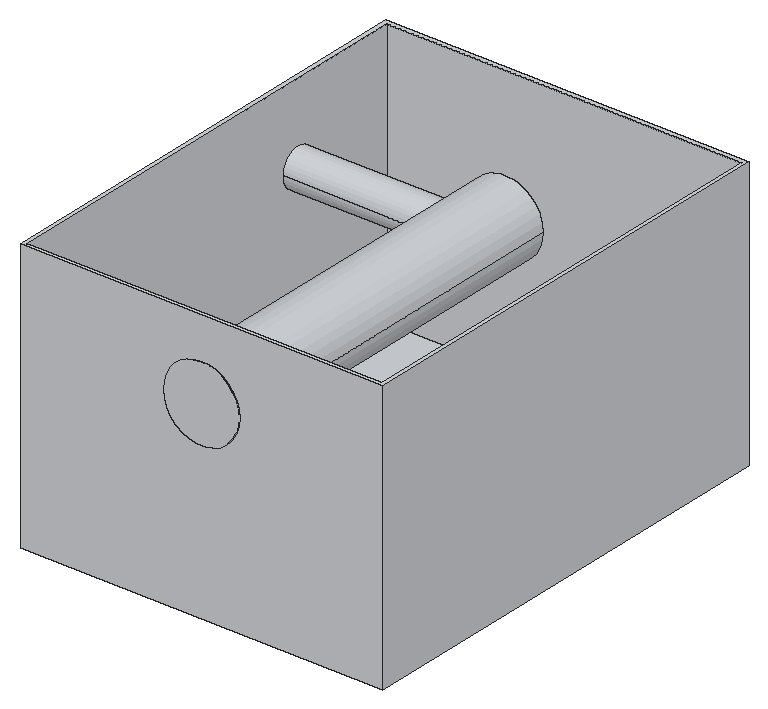
Revit family "PRD_FrankeWS_UrnlFlshngVlvs_BasicInstallationKitsForFlushingSystems_AQLN0006", category Plumbing Fixtures, host Face, Revit 2018
Family settings
  Host = Face
  Round Connector Dimension = Use Diameter
  Part Type = Normal
  OmniClass Number = 23.45.05.14.99
  OmniClass Title = Other Sanitary Washing Plumbing Fixtures
  Cut with Voids When Loaded = No
  Shared = Yes
  Room Calculation Point = No
Parameters (values of type "AQLN0006")
  WarrantyStartDate [instance] = "1900-12-31T23:59:59"
  WarrantyGuarantorParts = "n/a"
  WarrantyGuarantorLabor = "n/a"
  WarrantyDurationUnit = "year"
  WarrantyDurationParts = "n/a"
  WarrantyDurationLabor = "n/a"
  WarrantyDescription = "n/a"
  Version = "1"
  Uniclass2015Version = "Products v1.7"
  Uniclass2015Title = "Urinal flushing valves"
  Uniclass2015Code = "Pr_40_20_93_79"
  URL = "www.kwc.com"
  TypeOfMixing = "no mixing"
  Type = "built-in-box"
  ThirdPartyCertification = "n/a"
  TagNumber [instance] = "n/a"
  SustainabilityPerformance = "n/a"
  Standard = "n/a"
  Size = "n/a"
  Shape = "n/a"
  SerialNumber [instance] = "n/a"
  Revision = "n/a"
  ReplacementCost = "n/a"
  ProductInformation = "https://pim.kwc.com/product/2000107414/attachment/datasheet?locale=en"
  OutletSize = 15 mm
  InletSize = 15 mm
  HorizontalMounting = 110.00 mm
  VerticalMounting = 102.00 mm
  OverallDepth = 72.00 mm
  OperatingControl = "n/a"
  NominalWidth = 0.00 mm
  NominalLength = 0.00 mm
  NominalHeight = 0.00 mm
  NetWeight = 0.513 kg
  Name = "Urinal flush valve AQLN0006"
  NBSTypeID = "n/a"
  NBSReference = "45-35-70/355"
  NBSOfficeMasterTag = "n/a"
  NBSNote = "n/a"
  NBSDescription = "Urinal flushing valves"
  NBSCertification = "n/a"
  ModelReference = "AQLN0006"
  ModelNumber = "2000107414"
  Model = ModelReference  # "AQLN0006"
  MaterialsFinishAndColour = "n/a"
  MaterialsBody = "n/a"
  Material = "Synthetic"
  ManufacturerURL = "www.kwc.com"
  ManufacturerName = "KWC Group AG"  # constant formula
  Manufacturer = ManufacturerName  # "KWC Group AG"
  IsHighPressure = no
  IntegralAccessories = "n/a"
  InstallationDate [instance] = "1900-12-31T23:59:59"
  IfcExportType = "FLUSHING"
  IfcExportAs = "IfcValveType"
  HasIntegralShutOffDevice = no
  GrossWeight = 0.54 kg
  Grade = "n/a"
  FlushingRate = 0.0 L/s
  FlushVolume = "n/a"
  FlushValveMaterial = none
  Finish = "n/a"
  Features = "Synthetic, in-wall installtation with box"
  ExpectedLife = "n/a"
  DurationUnit = "year"
  Description = "Basic installation kit for FLUSH-C manually operated and FLUSH-S non-touch, opto-electronically controlled urinal flush valve DN 15 for installation in walls. With wall mounting box and function block with integrated lockable water quantity regulator as well as remove plug for flushing and pressure testing."
  Default Elevation = 1000.00 mm
  CreatedOn = "05/2019"  # constant formula
  Constituents = "n/a"
  Color = "n/a"
  CodePerformance = "n/a"
  Category = "Pr_40_20_93_79, Urinal flushing valves"
  BarCode [instance] = "n/a"
  BIMObjectName = "PRD_AR_UrinalFlushingValves_BasicInstallationKitsForFlushingSystems_AQLN0006"
  Author = "Archispace"  # constant formula
  AssetType = "Fixed"
  AssetIdentifier [instance] = "n/a"
  Application = "Urinal flushing"
  AccessibilityPerformance = "n/a"
Reference planes
  plane 1 "Center (Front/Back)": y = 0
  plane 2: z = 0
  plane 3 "Center (Left/Right)": x = 0
  plane 4: x = -55
  plane 5: x = 55
  plane 6: y = 51
  plane 7: y = -51
  plane 8: z = -72
Forms (mm)
  Extrusion 1, solid, material <- "FlushValveMaterial"
    sketch origin (0, 0, 0) x (1, 0, 0) y (0, 1, 0)
      loop
        line (48, 60.5) -> (-48, 60.5) -> (-48, -60.5) -> (48, -60.5) -> (48, 60.5)
    from 0 to -72
  Extrusion 2, solid, detail levels medium+fine
    sketch origin (0, 0, 0) x (0, 1, 0) y (0, 0, 1)
      loop
        circle (30, -21) r 5
    from -48 to 0
  Extrusion 3, solid, detail levels medium+fine
    sketch origin (0, 0, 0) x (1, 0, 0) y (0, 0, 1)
      loop
        circle (0, -21) r 10
    from -39.932 to 60.5
  Extrusion 4, void
    sketch origin (0, 0, 0) x (1, 0, 0) y (0, 1, 0)
      loop
        line (-47, 59.5) -> (-47, -59.5) -> (47, -59.5) -> (47, 59.5) -> (-47, 59.5)
    from -71 to 0
Cuts and joins
  Extrusion 4 cuts Extrusion 1
  joined: Extrusion 2, Extrusion 3
Dimensions and locks
  equal spacing: plane 4, plane 3 "Center (Left/Right)", plane 5
  "HorizontalMounting": plane 4 to plane 5
  equal spacing: plane 6, plane 1 "Center (Front/Back)", plane 7
  "VerticalMounting": plane 6 to plane 7
  locked: Extrusion 1 sketch curve to plane 6 at 9.5
  locked: plane 7 to Extrusion 1 sketch curve at 9.5
  locked: plane 4 to Extrusion 1 sketch curve at 7
  locked: Extrusion 1 sketch curve to plane 5 at 7
  "OverallDepth": level to plane 8
  locked: plane 6 to Extrusion 2 sketch curve at 21
  locked: level to Extrusion 2 sketch curve at 21
  locked: level to Extrusion 3 sketch curve at 21
  aligned and locked: plane 2 to host face
  aligned and locked: level to host face
  aligned and locked: Extrusion 1 to plane 8
  aligned and locked: Extrusion 1 to Extrusion 2
  aligned and locked: plane 3 "Center (Left/Right)" to Extrusion 2
  aligned and locked: plane 3 "Center (Left/Right)" to Extrusion 3 sketch curve
  aligned and locked: Extrusion 1 to Extrusion 3
Automatic sketch dimensions
  host sketch curve to host sketch curve = 2438.40 mm  (x2)
  Extrusion 4 sketch curve to plane 5 = 8.00 mm
  plane 6 to Extrusion 4 sketch curve = 8.50 mm
  plane 4 to Extrusion 4 sketch curve = 8.00 mm
  Extrusion 4 sketch curve to plane 7 = 8.50 mm
  radius of Extrusion 2 sketch curve = 5.00 mm
  radius of Extrusion 3 sketch curve = 10.00 mm
Connectors
  piping at (-48, 30, -21), diameter 15, driven by "FlushingRate", driven by "InletSize"
    settings: on Extrusion 2, index 1, connector inside diameter 609.6 mm, connector length 0.00 mm, flow factor 0, pipe flow 0.0 L/s, pressure drop 0.0 Pa, fitting loss kfactor 0, connector angle 0.00°, fixture units 0, engagement length 0.00 mm, angle of deflection 0.00°, flow configuration 0, flow direction 1, fitting loss method 0, system type 28, joint type 0, gender type 0, connector reference index -1, connector utility 0, adjustable connector no, is connector primary yes, connector description ""
  piping at (0, -60.5, -21), diameter 15, driven by "FlushingRate", driven by "OutletSize"
    settings: on Extrusion 3, index 2, connector inside diameter 609.6 mm, connector length 0.00 mm, flow factor 0, pipe flow 0.0 L/s, pressure drop 0.0 Pa, fitting loss kfactor 0, connector angle 0.00°, fixture units 0, engagement length 0.00 mm, angle of deflection 0.00°, flow configuration 0, flow direction 2, fitting loss method 0, system type 28, joint type 0, gender type 0, connector reference index -1, connector utility 0, adjustable connector no, is connector primary no, connector description ""
